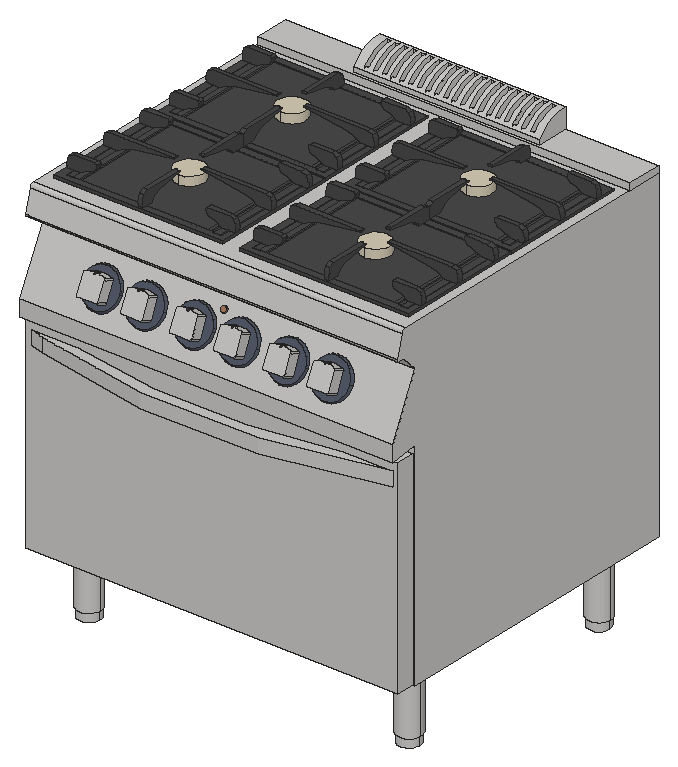
Revit family "QF_ZANUSSI_372003_Z7GCGH4CE0", category Specialty Equipment, Revit 2018
Family settings
  Round Connector Dimension = Use Diameter
  Part Type = Normal
  Work Plane-Based = No
  Always vertical = Yes
  Cut with Voids When Loaded = No
  Shared = No
  Room Calculation Point = No
Parameters
  Width = 800.0 mm  # constant formula
  Weight in Pounds = 176  # constant formula
  Weight = 0.00 kg
  Watts = 0 W
  Volts = 380 V
  URL Manufacturer = "http://www.zanussiprofessional.com"
  URL Cutsheet = "www.electrolux.com"
  URL = "http://www.zanussiprofessional.com"
  Type Mark [instance] = ""
  Steam Supply Size = 0"
  Steam Supply Minimum Pressure = 0.00 psi
  Steam Supply Maximum Pressure = 0.00 psi
  Steam Pounds per Hour = 0
  Status [instance] = ""
  Specification by User [instance] = ""
  Specification by Manufacturer = ""
  Show Logo [instance] = yes
  Show Clearance [instance] = yes
  Serial Number = ""
  Seismic Rating = ""
  SMACNA No = ""
  Revision Code [instance] = ""
  Refrigeration Suction Line Size = 0"
  Refrigeration Liquid Line Size = 0"
  Refrigerant Compressor Remote = yes
  Phase = 3
  Omniclass Number and Title = ""
  NAFEM Spec ID Number = ""
  Model = "Z7GCGH4CE0"
  Mechanical Remarks [instance] = ""
  Mechanical Connection Type [instance] = ""
  Masterspec = ""
  Manufacturer = "Zanussi"
  Length Actual = 800.0 mm  # constant formula
  Item Number [instance] = "372003"
  Installed By [instance] = ""
  Identify Quantity as Lot [instance] = yes
  Hot Water Size = 0"
  Height Actual = 850.0 mm  # constant formula
  Height = 908.0 mm  # constant formula
  HP = "8 HP"
  Gas Size = 1/2"  # constant formula
  Gas RI Height [instance] = 0.0 mm
  Gas KW [instance] = 28  # constant formula
  Gas Input [instance] = 95452.0 Btu/h  # constant formula
  Gas Connection Height = 0.0 mm
  Furnished By [instance] = ""
  Foodservice Equipment Identifier [instance] = yes
  Direct Waste Size = 0"
  Description = "4-BURNER GAS RANGE+ELECTRIC OVEN 800 MM"
  Depth Actual = 700.0 mm  # constant formula
  Depth = 700.0 mm  # constant formula
  Cycle = 60 Hz
  Condensate Return Size = 0"
  Compressed Air Volume = 0 GPM
  Compressed Air Size = 0"
  Compressed Air Pressure = 0.00 psi
  Cold Water Size = 0"
  CSI MasterFormat = ""
  CSI Master Format = ""
  Assembly Code = ""
  Accessory = yes
Reference planes
  plane 1 "BACK": y = 0
  plane 2: z = 0
  plane 3 "LEFT": x = 0
  plane 4 "RIGHT": x = 800
  plane 5 "FRONT": y = -700
  plane 6 "TOP": z = 908
  plane 7 "Center Y": x = 400
  plane 8 "Center X": y = -350
  plane 9 "Base": z = 150
  plane 10: z = 850
  plane 11: y = -715
  plane 12: y = -1109
  plane 13 "panel": through (-6096, -654.982, 762.214) normal (0, -0.8956, 0.4448)
  plane 14: x = 177.499
  plane 15: x = 177.499
Forms (mm)
  Revolve 1, solid, material "QF_Finishes_Stainless Steel"
    sketch origin (1, -90, 0) x (1, 0, 0) y (0, 0, 1)
      loop
        line (55, 0) -> (55, 150) -> (29.6, 150) -> (29.6, 19.05) -> (32.1, 19.05) -> (32.1, 0) -> (55, 0)
      axis (55, 0) -> (55, 150)
    angle from 0 to 360
  Revolve 2, solid, material "QF_Finishes_Stainless Steel"
    sketch origin (1, -599.588, 0) x (1, 0, 0) y (0, 0, 1)
      loop
        line (55, 0) -> (55, 150) -> (29.6, 150) -> (29.6, 19.05) -> (32.1, 19.05) -> (32.1, 0) -> (55, 0)
      axis (55, 0) -> (55, 150)
    angle from 0 to 360
  Revolve 3, solid, material "QF_Finishes_Stainless Steel"
    sketch origin (799, -90, 0) x (-1, 0, 0) y (0, 0, -1)
      loop
        line (55, 0) -> (32.1, 0) -> (32.1, -19.05) -> (29.6, -19.05) -> (29.6, -150) -> (55, -150) -> (55, 0)
      axis (55, 0) -> (55, -150)
    angle from 0 to 360
  Revolve 4, solid, material "QF_Finishes_Stainless Steel"
    sketch origin (799, -599.588, 0) x (-1, 0, 0) y (0, 0, -1)
      loop
        line (55, 0) -> (32.1, 0) -> (32.1, -19.05) -> (29.6, -19.05) -> (29.6, -150) -> (55, -150) -> (55, 0)
      axis (55, 0) -> (55, -150)
    angle from 0 to 360
  Extrusion 5, solid, material "QF_Finishes_Stainless Steel"
    sketch origin (0, 0, 576.213) x (0, 1, 0) y (0, 0, 1)
      loop
        line (0, 273.788) -> (-679.358, 273.788)
        arc (-679.358, 273.788) -> (-684.643, 271.598) -> (-686.833, 266.313) r 7.474
        line (-686.833, 266.313) -> (-699.884, 220.798)
        arc (-699.884, 220.798) -> (-699.396, 218.166) -> (-697, 216.971) r 3
        line (-697, 216.971) -> (-686.802, 216.971) -> (-654.982, 185.152) -> (-715, 64.296) -> (-715, 29.296) -> (-658.645, 37.216)
        arc (-658.645, 37.216) -> (-656.101, 36.462) -> (-655, 34.047) r 3.2
        line (-655, 34.047) -> (-655, -426.212) -> (0, -426.212) -> (0, 273.788)
      loop
        line (-700, 23.788) -> (-700, -421.212) -> (-660, -421.212) -> (-660, 23.788) -> (-700, 23.788)
    from 0 to 800
  Extrusion 6, solid, material "QF_Finishes_Stainless Steel"
    sketch origin (0, 0, 576.213) x (0, 1, 0) y (0, 0, 1)
      loop
        line (0, 273.787) -> (0, 288.075) -> (-76.2, 288.075) -> (-76.2, 273.787) -> (0, 273.787)
    from 0 to 800
  Extrusion 7, solid, material "QF_Finishes_Stainless Steel"
    sketch origin (0, -2, 150) x (-1, 0, 0) y (0, -1, 0)
      loop
        circle (-747.612, 464) r 6.35
    from -8.815 to 7.722
  Extrusion 8, solid, material "QF_Finishes_Door Clearance", visible <- "Show Clearance", detail levels coarse
    sketch origin (0, 0, 0) x (0, 1, 0) y (0, 0, 1)
      loop
        line (-1109, 150) -> (-700, 150) -> (-700, 601.405)
        arc (-700, 601.405) -> (-991.543, 454.568) -> (-1109, 150) r 453.603
    from 0 to 800
  Extrusion 9, solid, material "QF_Finishes_Clearance", visible <- "Show Clearance", detail levels coarse
    sketch origin (0, 0, 0) x (1, 0, 0) y (0, 1, 0)
      loop
        line (-100, -715) -> (0, -715) -> (0, 0) -> (800, 0) -> (800, -715) -> (900, -715) -> (900, 100) -> (-100, 100) -> (-100, -715)
    from 0 to 908.85
  Extrusion 10, void
    sketch origin (-65.011, 0, 865.138) x (-1, 0, 0) y (0, -1, 0)
      loop
        line (-295.005, 6.761) -> (-285.709, 6.761) -> (-285.709, 63.911) -> (-295.005, 63.911) -> (-295.005, 6.761)
      loop
        line (-313.697, 6.761) -> (-304.401, 6.761) -> (-304.401, 63.911) -> (-313.697, 63.911) -> (-313.697, 6.761)
      loop
        line (-332.39, 6.761) -> (-323.094, 6.761) -> (-323.094, 63.911) -> (-332.39, 63.911) -> (-332.39, 6.761)
      loop
        line (-351.082, 6.761) -> (-341.787, 6.761) -> (-341.787, 63.911) -> (-351.082, 63.911) -> (-351.082, 6.761)
      loop
        line (-369.775, 6.761) -> (-360.479, 6.761) -> (-360.479, 63.911) -> (-369.775, 63.911) -> (-369.775, 6.761)
      loop
        line (-388.468, 6.761) -> (-379.172, 6.761) -> (-379.172, 63.911) -> (-388.468, 63.911) -> (-388.468, 6.761)
      loop
        line (-407.16, 6.761) -> (-397.864, 6.761) -> (-397.864, 63.911) -> (-407.16, 63.911) -> (-407.16, 6.761)
      loop
        line (-425.853, 6.761) -> (-416.557, 6.761) -> (-416.557, 63.911) -> (-425.853, 63.911) -> (-425.853, 6.761)
      loop
        line (-444.545, 6.761) -> (-435.25, 6.761) -> (-435.25, 63.911) -> (-444.545, 63.911) -> (-444.545, 6.761)
      loop
        line (-463.238, 6.761) -> (-453.942, 6.761) -> (-453.942, 63.911) -> (-463.238, 63.911) -> (-463.238, 6.761)
      loop
        line (-481.931, 6.761) -> (-472.635, 6.761) -> (-472.635, 63.911) -> (-481.931, 63.911) -> (-481.931, 6.761)
      loop
        line (-500.623, 6.761) -> (-491.328, 6.761) -> (-491.328, 63.911) -> (-500.623, 63.911) -> (-500.623, 6.761)
      loop
        line (-519.316, 6.761) -> (-510.02, 6.761) -> (-510.02, 63.911) -> (-519.316, 63.911) -> (-519.316, 6.761)
      loop
        line (-538.008, 6.761) -> (-528.713, 6.761) -> (-528.713, 63.911) -> (-538.008, 63.911) -> (-538.008, 6.761)
      loop
        line (-556.701, 6.761) -> (-547.405, 6.761) -> (-547.405, 63.911) -> (-556.701, 63.911) -> (-556.701, 6.761)
      loop
        line (-575.394, 6.761) -> (-566.098, 6.761) -> (-566.098, 63.911) -> (-575.394, 63.911) -> (-575.394, 6.761)
      loop
        line (-594.086, 6.761) -> (-584.791, 6.761) -> (-584.791, 63.911) -> (-594.086, 63.911) -> (-594.086, 6.761)
      loop
        line (-612.779, 6.761) -> (-603.483, 6.761) -> (-603.483, 63.911) -> (-612.779, 63.911) -> (-612.779, 6.761)
      loop
        line (-631.472, 6.761) -> (-622.176, 6.761) -> (-622.176, 63.911) -> (-631.472, 63.911) -> (-631.472, 6.761)
      loop
        line (-650.164, 6.761) -> (-640.868, 6.761) -> (-640.868, 63.911) -> (-650.164, 63.911) -> (-650.164, 6.761)
    from 9.525 to 45.348
  Extrusion 11, solid, material "QF_Finishes_Stainless Steel"
    sketch origin (-200, 0, 590.5) x (0, 1, 0) y (0, 0, 1)
      loop
        line (0, 273.788) -> (0, 317.5)
        arc (0, 317.5) -> (-39.072, 308.879) -> (-69.85, 283.312) r 84.854
        line (-69.85, 283.312) -> (-69.85, 273.788) -> (0, 273.788)
    from 400 to 800
  Blend 12, solid, material "QF_Finishes_Navy Blue"
    base sketch origin (152.5, -684.991, 701.786) x (1, 0, 0) y (0, 0.444781, 0.895639)
      loop
        circle (0, 0) r 42.5
    top sketch origin (152.5, -684.991, 701.786) x (1, 0, 0) y (0, 0.444781, 0.895639)
      loop
        circle (0, 0) r 40.5
    from 0 to 5
  Extrusion 13, solid, material "QF_Finishes_Stainless Steel"
    sketch origin (152.5, -684.991, 701.786) x (1, 0, 0) y (0, 0.444781, 0.895639)
      loop
        arc (-21.147, 22.789) -> (-22.494, 21.685) -> (-23, 20.019) r 2.997
        line (-23, 20.019) -> (-23, -20.019)
        arc (-23, -20.019) -> (-22.122, -22.138) -> (-20.003, -23.016) r 2.997
        line (-20.003, -23.016) -> (20.003, -23.016)
        arc (20.003, -23.016) -> (22.122, -22.138) -> (23, -20.019) r 2.997
        line (23, -20.019) -> (23, 20.019)
        arc (23, 20.019) -> (22.494, 21.685) -> (21.147, 22.789) r 2.997
        arc (21.147, 22.789) -> (0, 26.984) -> (-21.147, 22.789) r 55.4
    from 10 to 34
  Extrusion 14, solid, material "QF_Plastic-Black-Matte"
    sketch origin (210, -684.991, 701.786) x (0, 0.444781, 0.895639) y (0, -0.895639, 0.444781)
      loop
        line (26.984, 34) -> (26.984, 19) -> (27.984, 19) -> (27.984, 34)
        arc (27.984, 34) -> (27.691, 34.707) -> (26.984, 35) r 1
        line (26.984, 35) -> (23.984, 35) -> (23.984, 34) -> (26.984, 34)
    from -58.5 to -56.5
  Extrusion 15, solid, material "QF_Finishes_Stainless Steel"
    sketch origin (152.5, -684.991, 701.786) x (1, 0, 0) y (0, 0.444781, 0.895639)
      loop
        line (17.5, 17.5) -> (-17.5, 17.5) -> (-17.5, -17.5) -> (17.5, -17.5) -> (17.5, 17.5)
    from 5 to 10
  Extrusion 16, solid, material "QF_Plastic-Black-Matte"
    sketch origin (190, -684.991, 701.786) x (0, 0.444781, 0.895639) y (0, 0.895639, -0.444781)
      loop
        line (26.984, -34) -> (23.984, -34) -> (23.984, -35) -> (26.984, -35)
        arc (26.984, -35) -> (27.691, -34.707) -> (27.984, -34) r 1
        line (27.984, -34) -> (27.984, -19) -> (26.984, -19) -> (26.984, -34)
    from -58.5 to -56.5
  Extrusion 17, solid, material "QF_Finishes_Stainless Steel"
    sketch origin (247.5, -684.991, 701.786) x (-1, 0, 0) y (0, -0.444781, -0.895639)
      loop
        line (17.5, -17.5) -> (17.5, 17.5) -> (-17.5, 17.5) -> (-17.5, -17.5) -> (17.5, -17.5)
    from 5 to 10
  Blend 18, solid, material "QF_Finishes_Navy Blue"
    base sketch origin (247.5, -684.991, 701.786) x (1, 0, 0) y (0, 0.444781, 0.895639)
      loop
        circle (0, 0) r 42.5
    top sketch origin (247.5, -684.991, 701.786) x (1, 0, 0) y (0, 0.444781, 0.895639)
      loop
        circle (0, 0) r 40.5
    from 0 to 5
  Extrusion 19, solid, material "QF_Finishes_Stainless Steel"
    sketch origin (247.5, -684.991, 701.786) x (-1, 0, 0) y (0, -0.444781, -0.895639)
      loop
        arc (-21.147, -22.789) -> (0, -26.984) -> (21.147, -22.789) r 55.4
        arc (21.147, -22.789) -> (22.494, -21.685) -> (23, -20.019) r 2.997
        line (23, -20.019) -> (23, 20.019)
        arc (23, 20.019) -> (22.122, 22.138) -> (20.003, 23.016) r 2.997
        line (20.003, 23.016) -> (-20.003, 23.016)
        arc (-20.003, 23.016) -> (-22.122, 22.138) -> (-23, 20.019) r 2.997
        line (-23, 20.019) -> (-23, -20.019)
        arc (-23, -20.019) -> (-22.494, -21.685) -> (-21.147, -22.789) r 2.997
    from 10 to 34
  Blend 20, solid, material "QF_Finishes_Navy Blue"
    base sketch origin (447.5, -684.991, 701.786) x (1, 0, 0) y (0, 0.444781, 0.895639)
      loop
        circle (0, 0) r 42.5
    top sketch origin (447.5, -684.991, 701.786) x (1, 0, 0) y (0, 0.444781, 0.895639)
      loop
        circle (0, 0) r 40.5
    from 0 to 5
  Extrusion 21, solid, material "QF_Finishes_Stainless Steel"
    sketch origin (215, -684.991, 701.786) x (1, 0, 0) y (0, 0.444781, 0.895639)
      loop
        arc (211.353, 22.789) -> (210.006, 21.685) -> (209.5, 20.019) r 2.997
        line (209.5, 20.019) -> (209.5, -20.019)
        arc (209.5, -20.019) -> (210.378, -22.138) -> (212.497, -23.016) r 2.997
        line (212.497, -23.016) -> (252.503, -23.016)
        arc (252.503, -23.016) -> (254.622, -22.138) -> (255.5, -20.019) r 2.997
        line (255.5, -20.019) -> (255.5, 20.019)
        arc (255.5, 20.019) -> (254.994, 21.685) -> (253.647, 22.789) r 2.997
        arc (253.647, 22.789) -> (232.5, 26.984) -> (211.353, 22.789) r 55.4
    from 10 to 34
  Blend 22, solid, material "QF_Finishes_Navy Blue"
    base sketch origin (552.5, -684.991, 701.786) x (1, 0, 0) y (0, 0.444781, 0.895639)
      loop
        circle (0, 0) r 42.5
    top sketch origin (552.5, -684.991, 701.786) x (1, 0, 0) y (0, 0.444781, 0.895639)
      loop
        circle (0, 0) r 40.5
    from 0 to 5
  Extrusion 23, solid, material "QF_Finishes_Stainless Steel"
    sketch origin (552.5, -684.991, 701.786) x (1, 0, 0) y (0, 0.444781, 0.895639)
      loop
        arc (-21.147, 22.789) -> (-22.494, 21.685) -> (-23, 20.019) r 2.997
        line (-23, 20.019) -> (-23, -20.019)
        arc (-23, -20.019) -> (-22.122, -22.138) -> (-20.003, -23.016) r 2.997
        line (-20.003, -23.016) -> (20.003, -23.016)
        arc (20.003, -23.016) -> (22.122, -22.138) -> (23, -20.019) r 2.997
        line (23, -20.019) -> (23, 20.019)
        arc (23, 20.019) -> (22.494, 21.685) -> (21.147, 22.789) r 2.997
        arc (21.147, 22.789) -> (0, 26.984) -> (-21.147, 22.789) r 55.4
    from 10 to 34
  Extrusion 24, solid, material "QF_Plastic-Black-Matte"
    sketch origin (610, -684.991, 701.786) x (0, 0.444781, 0.895639) y (0, -0.895639, 0.444781)
      loop
        line (26.984, 34) -> (26.984, 19) -> (27.984, 19) -> (27.984, 34)
        arc (27.984, 34) -> (27.691, 34.707) -> (26.984, 35) r 1
        line (26.984, 35) -> (23.984, 35) -> (23.984, 34) -> (26.984, 34)
    from -58.5 to -56.5
  Extrusion 25, solid, material "QF_Finishes_Stainless Steel"
    sketch origin (552.5, -684.991, 701.786) x (1, 0, 0) y (0, 0.444781, 0.895639)
      loop
        line (17.5, 17.5) -> (-17.5, 17.5) -> (-17.5, -17.5) -> (17.5, -17.5) -> (17.5, 17.5)
    from 5 to 10
  Extrusion 26, solid, material "QF_Plastic-Black-Matte"
    sketch origin (590, -684.991, 701.786) x (0, 0.444781, 0.895639) y (0, 0.895639, -0.444781)
      loop
        line (26.984, -34) -> (23.984, -34) -> (23.984, -35) -> (26.984, -35)
        arc (26.984, -35) -> (27.691, -34.707) -> (27.984, -34) r 1
        line (27.984, -34) -> (27.984, -19) -> (26.984, -19) -> (26.984, -34)
    from -58.5 to -56.5
  Extrusion 27, solid, material "QF_Finishes_Stainless Steel"
    sketch origin (647.5, -684.991, 701.786) x (-1, 0, 0) y (0, -0.444781, -0.895639)
      loop
        line (17.5, -17.5) -> (17.5, 17.5) -> (-17.5, 17.5) -> (-17.5, -17.5) -> (17.5, -17.5)
    from 5 to 10
  Blend 28, solid, material "QF_Finishes_Navy Blue"
    base sketch origin (647.5, -684.991, 701.786) x (1, 0, 0) y (0, 0.444781, 0.895639)
      loop
        circle (0, 0) r 42.5
    top sketch origin (647.5, -684.991, 701.786) x (1, 0, 0) y (0, 0.444781, 0.895639)
      loop
        circle (0, 0) r 40.5
    from 0 to 5
  Extrusion 29, solid, material "QF_Finishes_Stainless Steel"
    sketch origin (647.5, -684.991, 701.786) x (-1, 0, 0) y (0, -0.444781, -0.895639)
      loop
        arc (-21.147, -22.789) -> (0, -26.984) -> (21.147, -22.789) r 55.4
        arc (21.147, -22.789) -> (22.494, -21.685) -> (23, -20.019) r 2.997
        line (23, -20.019) -> (23, 20.019)
        arc (23, 20.019) -> (22.122, 22.138) -> (20.003, 23.016) r 2.997
        line (20.003, 23.016) -> (-20.003, 23.016)
        arc (-20.003, 23.016) -> (-22.122, 22.138) -> (-23, 20.019) r 2.997
        line (-23, 20.019) -> (-23, -20.019)
        arc (-23, -20.019) -> (-22.494, -21.685) -> (-21.147, -22.789) r 2.997
    from 10 to 34
  Extrusion 30, solid, material "QF_Finishes_Stainless Steel"
    sketch origin (0, 0, 150) x (-1, 0, 0) y (0, -1, 0)
      loop
        line (-790, 700) -> (-696.395, 700)
        arc (-696.395, 700) -> (-400, 735) -> (-103.605, 700) r 1272.5
        line (-103.605, 700) -> (-10, 700)
        arc (-10, 700) -> (-26.992, 705.227) -> (-44.053, 710.221) r 1297.5
        arc (-44.053, 710.221) -> (-417.777, 759.878) -> (-790, 700) r 1297.5
    from 400 to 430
  Extrusion 31, solid, material "QF_Finishes_Stainless Steel"
    sketch origin (0, 0, 150) x (-1, 0, 0) y (0, -1, 0)
      loop
        circle (-752, 513) r 10
    from 0 to -3
  Extrusion 32, solid, material "QF_Plastic-Black-Matte"
    sketch origin (295, -684.991, 701.786) x (0, 0.444781, 0.895639) y (0, 0.895639, -0.444781)
      loop
        line (26.984, -34) -> (23.984, -34) -> (23.984, -35) -> (26.984, -35)
        arc (26.984, -35) -> (27.691, -34.707) -> (27.984, -34) r 1
        line (27.984, -34) -> (27.984, -19) -> (26.984, -19) -> (26.984, -34)
    from -58.5 to -56.5
  Extrusion 33, solid, material "QF_Finishes_Stainless Steel"
    sketch origin (352.5, -684.991, 701.786) x (-1, 0, 0) y (0, -0.444781, -0.895639)
      loop
        line (17.5, -17.5) -> (17.5, 17.5) -> (-17.5, 17.5) -> (-17.5, -17.5) -> (17.5, -17.5)
    from 5 to 10
  Extrusion 34, solid, material "QF_Finishes_Stainless Steel"
    sketch origin (352.5, -684.991, 701.786) x (-1, 0, 0) y (0, -0.444781, -0.895639)
      loop
        arc (-21.147, -22.789) -> (0, -26.984) -> (21.147, -22.789) r 55.4
        arc (21.147, -22.789) -> (22.494, -21.685) -> (23, -20.019) r 2.997
        line (23, -20.019) -> (23, 20.019)
        arc (23, 20.019) -> (22.122, 22.138) -> (20.003, 23.016) r 2.997
        line (20.003, 23.016) -> (-20.003, 23.016)
        arc (-20.003, 23.016) -> (-22.122, 22.138) -> (-23, 20.019) r 2.997
        line (-23, 20.019) -> (-23, -20.019)
        arc (-23, -20.019) -> (-22.494, -21.685) -> (-21.147, -22.789) r 2.997
    from 10 to 34
  Blend 35, solid, material "QF_Finishes_Navy Blue"
    base sketch origin (352.5, -684.991, 701.786) x (1, 0, 0) y (0, 0.444781, 0.895639)
      loop
        circle (0, 0) r 42.5
    top sketch origin (352.5, -684.991, 701.786) x (1, 0, 0) y (0, 0.444781, 0.895639)
      loop
        circle (0, 0) r 40.5
    from 0 to 5
  Extrusion 36, solid, material "QF_Plastic-Black-Matte"
    sketch origin (390, -684.991, 701.786) x (0, 0.444781, 0.895639) y (0, 0.895639, -0.444781)
      loop
        line (26.984, -34) -> (23.984, -34) -> (23.984, -35) -> (26.984, -35)
        arc (26.984, -35) -> (27.691, -34.707) -> (27.984, -34) r 1
        line (27.984, -34) -> (27.984, -19) -> (26.984, -19) -> (26.984, -34)
    from -58.5 to -56.5
  Extrusion 37, solid, material "QF_Finishes_Stainless Steel"
    sketch origin (447.5, -684.991, 701.786) x (-1, 0, 0) y (0, -0.444781, -0.895639)
      loop
        line (17.5, -17.5) -> (17.5, 17.5) -> (-17.5, 17.5) -> (-17.5, -17.5) -> (17.5, -17.5)
    from 5 to 10
  Extrusion 38, solid, material "QF_Finishes_Brown"
    sketch origin (0, -829.045, 411.71) x (0, 0.444781, 0.895639) y (-1, 0, 0)
      loop
        circle (366.376, -400) r 6
    from 0 to 1.6
Cuts and joins
  Extrusion 10 cuts Extrusion 9
  Extrusion 10 cuts Extrusion 11
Lines and regions (mm)
  Split face 1
    outline origin (152.5, -689.469, 704.01) x (1, 0, 0) y (0, 0.444781, 0.895639)
      loop
        circle (-33, 0) r 3
  Split face 2
    outline origin (253.401, -689.469, 704.01) x (1, 0, 0) y (0, 0.444781, 0.895639)
      loop
        line (-8.901, 38.561) -> (-8.901, 28.561) -> (-2.901, 28.561) -> (-2.901, 38.561) -> (-8.901, 38.561)
  Split face 3
    outline origin (253.401, -689.469, 704.01) x (1, 0, 0) y (0, 0.444781, 0.895639)
      loop
        line (-8.401, 38.061) -> (-8.401, 29.061) -> (-3.401, 29.061) -> (-3.401, 38.061) -> (-8.401, 38.061)
  Split face 4
    outline origin (253.401, -689.469, 704.01) x (1, 0, 0) y (0, 0.444781, 0.895639)
      loop
        line (-8.401, 33.561) -> (-3.401, 33.561)
  Split face 5
    outline origin (253.401, -689.469, 704.01) x (1, 0, 0) y (0, 0.444781, 0.895639)
      loop
        line (-8.401, 33.061) -> (-3.401, 33.061)
  Split face 6
    outline origin (158.401, -689.469, 704.01) x (1, 0, 0) y (0, 0.444781, 0.895639)
      loop
        line (-8.901, 38.561) -> (-8.901, 28.561) -> (-2.901, 28.561) -> (-2.901, 38.561) -> (-8.901, 38.561)
  Split face 7
    outline origin (158.401, -689.469, 704.01) x (1, 0, 0) y (0, 0.444781, 0.895639)
      loop
        line (-8.401, 38.061) -> (-8.401, 29.061) -> (-3.401, 29.061) -> (-3.401, 38.061) -> (-8.401, 38.061)
  Split face 8
    outline origin (158.401, -689.469, 704.01) x (1, 0, 0) y (0, 0.444781, 0.895639)
      loop
        line (-8.401, 34.061) -> (-3.401, 34.061)
  Split face 9
    outline origin (158.401, -689.469, 704.01) x (1, 0, 0) y (0, 0.444781, 0.895639)
      loop
        line (-8.401, 33.561) -> (-3.401, 33.561)
  Split face 10
    outline origin (178.157, -675.159, 732.825) x (-1, 0, 0) y (0, -0.444781, -0.895639)
      loop
        circle (43.456, 61.543) r 1.5
  Split face 11
    outline origin (158.401, -689.469, 704.01) x (1, 0, 0) y (0, 0.444781, 0.895639)
      loop
        circle (-5.901, 31.311) r 2.029
  Split face 12
    outline origin (253.401, -689.469, 704.01) x (1, 0, 0) y (0, 0.444781, 0.895639)
      loop
        circle (-5.901, 35.811) r 2.031
  Split face 13
    outline origin (152.5, -689.469, 704.01) x (1, 0, 0) y (0, 0.444781, 0.895639)
      loop
        circle (-24.487, 26.694) r 3.497
  Split face 14
    outline origin (247.5, -689.469, 704.01) x (1, 0, 0) y (0, 0.444781, 0.895639)
      loop
        circle (-24.487, 26.694) r 3.497
  Split face 15
    outline origin (247.5, -689.469, 704.01) x (1, 0, 0) y (0, 0.444781, 0.895639)
      loop
        circle (-33, 0) r 3
  Split face 16
    outline origin (247.5, -689.469, 704.01) x (1, 0, 0) y (0, 0.444781, 0.895639)
      loop
        circle (-17.8, -29.371) r 1.5
  Split face 17
    outline origin (447.5, -689.469, 704.01) x (1, 0, 0) y (0, 0.444781, 0.895639)
      loop
        circle (0, 33) r 1
  Split face 18
    outline origin (447.5, -689.469, 704.01) x (1, 0, 0) y (0, 0.444781, 0.895639)
      loop
        circle (-33, 0) r 1
  Split face 19
    outline origin (447.5, -689.469, 704.01) x (-1, 0, 0) y (0, 0.444781, 0.895639)
      loop
        circle (31.876, -8.541) r 1
  Split face 20
    outline origin (447.5, -689.469, 704.01) x (-1, 0, 0) y (0, 0.444781, 0.895639)
      loop
        circle (28.579, -16.5) r 1
  Split face 21
    outline origin (447.5, -689.469, 704.01) x (-1, 0, 0) y (0, 0.444781, 0.895639)
      loop
        circle (23.335, -23.335) r 1
  Split face 22
    outline origin (447.5, -689.469, 704.01) x (-1, 0, 0) y (0, 0.444781, 0.895639)
      loop
        circle (16.5, -28.579) r 1
  Split face 23
    outline origin (447.5, -689.469, 704.01) x (-1, 0, 0) y (0, 0.444781, 0.895639)
      loop
        circle (8.541, -31.876) r 1
  Split face 24
    outline origin (447.5, -689.469, 704.01) x (1, 0, 0) y (0, -0.444781, -0.895639)
      loop
        circle (33, 0) r 1
  Split face 25
    outline origin (447.5, -689.469, 704.01) x (-1, 0, 0) y (0, -0.444781, -0.895639)
      loop
        circle (-8.541, 31.876) r 1
  Split face 26
    outline origin (447.5, -689.469, 704.01) x (-1, 0, 0) y (0, -0.444781, -0.895639)
      loop
        circle (-16.5, 28.579) r 1
  Split face 27
    outline origin (447.5, -689.469, 704.01) x (-1, 0, 0) y (0, -0.444781, -0.895639)
      loop
        circle (-23.335, 23.335) r 1
  Split face 28
    outline origin (447.5, -689.469, 704.01) x (-1, 0, 0) y (0, -0.444781, -0.895639)
      loop
        circle (-28.579, 16.5) r 1
  Split face 29
    outline origin (447.5, -689.469, 704.01) x (-1, 0, 0) y (0, -0.444781, -0.895639)
      loop
        circle (-31.876, 8.541) r 1
  Split face 30
    outline origin (552.5, -689.469, 704.01) x (1, 0, 0) y (0, 0.444781, 0.895639)
      loop
        circle (-33, 0) r 3
  Split face 31
    outline origin (653.401, -689.469, 704.01) x (1, 0, 0) y (0, 0.444781, 0.895639)
      loop
        line (-8.901, 38.561) -> (-8.901, 28.561) -> (-2.901, 28.561) -> (-2.901, 38.561) -> (-8.901, 38.561)
  Split face 32
    outline origin (653.401, -689.469, 704.01) x (1, 0, 0) y (0, 0.444781, 0.895639)
      loop
        line (-8.401, 38.061) -> (-8.401, 29.061) -> (-3.401, 29.061) -> (-3.401, 38.061) -> (-8.401, 38.061)
  Split face 33
    outline origin (653.401, -689.469, 704.01) x (1, 0, 0) y (0, 0.444781, 0.895639)
      loop
        line (-8.401, 33.561) -> (-3.401, 33.561)
  Split face 34
    outline origin (653.401, -689.469, 704.01) x (1, 0, 0) y (0, 0.444781, 0.895639)
      loop
        line (-8.401, 33.061) -> (-3.401, 33.061)
  Split face 35
    outline origin (558.401, -689.469, 704.01) x (1, 0, 0) y (0, 0.444781, 0.895639)
      loop
        line (-8.901, 38.561) -> (-8.901, 28.561) -> (-2.901, 28.561) -> (-2.901, 38.561) -> (-8.901, 38.561)
  Split face 36
    outline origin (558.401, -689.469, 704.01) x (1, 0, 0) y (0, 0.444781, 0.895639)
      loop
        line (-8.401, 38.061) -> (-8.401, 29.061) -> (-3.401, 29.061) -> (-3.401, 38.061) -> (-8.401, 38.061)
  Split face 37
    outline origin (558.401, -689.469, 704.01) x (1, 0, 0) y (0, 0.444781, 0.895639)
      loop
        line (-8.401, 34.061) -> (-3.401, 34.061)
  Split face 38
    outline origin (558.401, -689.469, 704.01) x (1, 0, 0) y (0, 0.444781, 0.895639)
      loop
        line (-8.401, 33.561) -> (-3.401, 33.561)
  Split face 39
    outline origin (578.157, -675.159, 732.825) x (-1, 0, 0) y (0, -0.444781, -0.895639)
      loop
        circle (43.456, 61.543) r 1.5
  Split face 40
    outline origin (558.401, -689.469, 704.01) x (1, 0, 0) y (0, 0.444781, 0.895639)
      loop
        circle (-5.901, 31.311) r 2.029
  Split face 41
    outline origin (653.401, -689.469, 704.01) x (1, 0, 0) y (0, 0.444781, 0.895639)
      loop
        circle (-5.901, 35.811) r 2.031
  Split face 42
    outline origin (552.5, -689.469, 704.01) x (1, 0, 0) y (0, 0.444781, 0.895639)
      loop
        circle (-24.487, 26.694) r 3.497
  Split face 43
    outline origin (647.5, -689.469, 704.01) x (1, 0, 0) y (0, 0.444781, 0.895639)
      loop
        circle (-24.487, 26.694) r 3.497
  Split face 44
    outline origin (647.5, -689.469, 704.01) x (1, 0, 0) y (0, 0.444781, 0.895639)
      loop
        circle (-33, 0) r 3
  Split face 45
    outline origin (647.5, -689.469, 704.01) x (1, 0, 0) y (0, 0.444781, 0.895639)
      loop
        circle (-17.8, -29.371) r 1.5
  Split face 46
    outline origin (447.5, -689.469, 704.01) x (1, 0, 0) y (0, 0.444781, 0.895639)
      loop
        circle (0, -33) r 1
  Split face 47
    outline origin (352.5, -689.469, 704.01) x (1, 0, 0) y (0, 0.444781, 0.895639)
      loop
        line (-35.5, 0.5) -> (-29.5, 0.5) -> (-29.5, 2.5) -> (-35.5, 2.5) -> (-35.5, 0.5)
  Split face 48
    outline origin (352.5, -690.803, 701.323) x (1, 0, 0) y (0, 0.444781, 0.895639)
      loop
        line (-35.5, 0.5) -> (-29.5, 0.5) -> (-29.5, 2.5) -> (-35.5, 2.5) -> (-35.5, 0.5)
  Split face 49
    outline origin (352.5, -689.469, 704.01) x (1, 0, 0) y (0, 0.444781, 0.895639)
      loop
        line (-3, -32.32) -> (-3, -34.32) -> (3, -34.32) -> (3, -32.32) -> (-3, -32.32)
  Split face 50
    outline origin (352.5, -689.469, 704.01) x (1, 0, 0) y (0, 0.444781, 0.895639)
      loop
        circle (0, 34.714) r 1.714
  symbolic lines, style "QF-Door Swings"
    curve 1: line (0, -715, 150) -> (0, -1109, 150)
    curve 2: line (0, -1109, 150) -> (800, -1109, 150)
    curve 3: line (800, -1109, 150) -> (800, -715, 150)
  symbolic lines
    curve 4: line (0, 0, 150) -> (0, -715, 150)
    curve 5: line (0, -69.85, 150) -> (800, -69.85, 150)
    curve 6: line (0, -76.2, 150) -> (800, -76.2, 150)
    curve 7: line (800, -715, 150) -> (800, 0, 150)
    curve 8: line (0, 0, 150) -> (800, 0, 150)
    curve 12: line (229.994, -6.761, 150) -> (229.994, -63.911, 150)
    curve 13: line (229.994, -63.911, 150) -> (220.698, -63.911, 150)
    curve 14: line (220.698, -63.911, 150) -> (220.698, -6.761, 150)
    curve 15: line (220.698, -6.761, 150) -> (229.994, -6.761, 150)
    curve 16: line (435.612, -6.761, 150) -> (435.612, -63.911, 150)
    curve 17: line (435.612, -63.911, 150) -> (426.317, -63.911, 150)
    curve 18: line (426.317, -63.911, 150) -> (426.317, -6.761, 150)
    curve 19: line (426.317, -6.761, 150) -> (435.612, -6.761, 150)
    curve 20: line (416.92, -6.761, 150) -> (416.92, -63.911, 150)
    curve 21: line (416.92, -63.911, 150) -> (407.624, -63.911, 150)
    curve 22: line (407.624, -63.911, 150) -> (407.624, -6.761, 150)
    curve 23: line (407.624, -6.761, 150) -> (416.92, -6.761, 150)
    curve 24: line (398.227, -6.761, 150) -> (398.227, -63.911, 150)
    curve 25: line (398.227, -63.911, 150) -> (388.931, -63.911, 150)
    curve 26: line (388.931, -63.911, 150) -> (388.931, -6.761, 150)
    curve 27: line (388.931, -6.761, 150) -> (398.227, -6.761, 150)
    curve 28: line (379.534, -6.761, 150) -> (379.534, -63.911, 150)
    curve 29: line (379.534, -63.911, 150) -> (370.239, -63.911, 150)
    curve 30: line (370.239, -63.911, 150) -> (370.239, -6.761, 150)
    curve 31: line (370.239, -6.761, 150) -> (379.534, -6.761, 150)
    curve 32: line (360.842, -6.761, 150) -> (360.842, -63.911, 150)
    curve 33: line (360.842, -63.911, 150) -> (351.546, -63.911, 150)
    curve 34: line (351.546, -63.911, 150) -> (351.546, -6.761, 150)
    curve 35: line (351.546, -6.761, 150) -> (360.842, -6.761, 150)
    curve 36: line (342.149, -6.761, 150) -> (342.149, -63.911, 150)
    curve 37: line (342.149, -63.911, 150) -> (332.854, -63.911, 150)
    curve 38: line (332.854, -63.911, 150) -> (332.854, -6.761, 150)
    curve 39: line (332.854, -6.761, 150) -> (342.149, -6.761, 150)
    curve 40: line (323.457, -6.761, 150) -> (323.457, -63.911, 150)
    curve 41: line (323.457, -63.911, 150) -> (314.161, -63.911, 150)
    curve 42: line (314.161, -63.911, 150) -> (314.161, -6.761, 150)
    curve 43: line (314.161, -6.761, 150) -> (323.457, -6.761, 150)
    curve 44: line (304.764, -6.761, 150) -> (304.764, -63.911, 150)
    curve 45: line (304.764, -63.911, 150) -> (295.468, -63.911, 150)
    curve 46: line (295.468, -63.911, 150) -> (295.468, -6.761, 150)
    curve 47: line (295.468, -6.761, 150) -> (304.764, -6.761, 150)
    curve 48: line (286.071, -6.761, 150) -> (286.071, -63.911, 150)
    curve 49: line (286.071, -63.911, 150) -> (276.776, -63.911, 150)
    curve 50: line (276.776, -63.911, 150) -> (276.776, -6.761, 150)
    curve 51: line (276.776, -6.761, 150) -> (286.071, -6.761, 150)
    curve 52: line (267.379, -6.761, 150) -> (267.379, -63.911, 150)
    curve 53: line (267.379, -63.911, 150) -> (258.083, -63.911, 150)
    curve 54: line (258.083, -63.911, 150) -> (258.083, -6.761, 150)
    curve 55: line (258.083, -6.761, 150) -> (267.379, -6.761, 150)
    curve 56: line (248.686, -6.761, 150) -> (248.686, -63.911, 150)
    curve 57: line (248.686, -63.911, 150) -> (239.39, -63.911, 150)
    curve 58: line (239.39, -63.911, 150) -> (239.39, -6.761, 150)
    curve 59: line (239.39, -6.761, 150) -> (248.686, -6.761, 150)
    curve 60: line (585.153, -6.761, 150) -> (585.153, -63.911, 150)
    curve 61: line (585.153, -63.911, 150) -> (575.857, -63.911, 150)
    curve 62: line (575.857, -63.911, 150) -> (575.857, -6.761, 150)
    curve 63: line (575.857, -6.761, 150) -> (585.153, -6.761, 150)
    curve 64: line (566.461, -6.761, 150) -> (566.461, -63.911, 150)
    curve 65: line (566.461, -63.911, 150) -> (557.165, -63.911, 150)
    curve 66: line (557.165, -63.911, 150) -> (557.165, -6.761, 150)
    curve 67: line (557.165, -6.761, 150) -> (566.461, -6.761, 150)
    curve 68: line (547.768, -6.761, 150) -> (547.768, -63.911, 150)
    curve 69: line (547.768, -63.911, 150) -> (538.472, -63.911, 150)
    curve 70: line (538.472, -63.911, 150) -> (538.472, -6.761, 150)
    curve 71: line (538.472, -6.761, 150) -> (547.768, -6.761, 150)
    curve 72: line (529.075, -6.761, 150) -> (529.075, -63.911, 150)
    curve 73: line (529.075, -63.911, 150) -> (519.78, -63.911, 150)
    curve 74: line (519.78, -63.911, 150) -> (519.78, -6.761, 150)
    curve 75: line (519.78, -6.761, 150) -> (529.075, -6.761, 150)
    curve 76: line (510.383, -6.761, 150) -> (510.383, -63.911, 150)
    curve 77: line (510.383, -63.911, 150) -> (501.087, -63.911, 150)
    curve 78: line (501.087, -63.911, 150) -> (501.087, -6.761, 150)
    curve 79: line (501.087, -6.761, 150) -> (510.383, -6.761, 150)
    curve 80: line (491.69, -6.761, 150) -> (491.69, -63.911, 150)
    curve 81: line (491.69, -63.911, 150) -> (482.394, -63.911, 150)
    curve 82: line (482.394, -63.911, 150) -> (482.394, -6.761, 150)
    curve 83: line (482.394, -6.761, 150) -> (491.69, -6.761, 150)
    curve 84: line (472.998, -6.761, 150) -> (472.998, -63.911, 150)
    curve 85: line (472.998, -63.911, 150) -> (463.702, -63.911, 150)
    curve 86: line (463.702, -63.911, 150) -> (463.702, -6.761, 150)
    curve 87: line (463.702, -6.761, 150) -> (472.998, -6.761, 150)
    curve 88: line (454.305, -6.761, 150) -> (454.305, -63.911, 150)
    curve 89: line (454.305, -63.911, 150) -> (445.009, -63.911, 150)
    curve 90: line (445.009, -63.911, 150) -> (445.009, -6.761, 150)
    curve 91: line (445.009, -6.761, 150) -> (454.305, -6.761, 150)
    curve 92: line (200, -69.85, 150) -> (200, 0, 150)
    curve 93: line (600, -69.85, 150) -> (600, 0, 150)
    curve 94: line (0, -700.029, 0) -> (800, -700.029, 0)
    curve 95: line (129.525, -700.029, 0) -> (129.525, -724.376, 0)
    curve 96: arc (129.525, -724.376, 0) -> (129.671, -724.84, 0) -> (130.057, -725.136, 0) r 0.809
    curve 97: arc (130.057, -725.136, 0) -> (131.245, -725.616, 0) -> (132.522, -725.709, 0) r 4.127
    curve 98: arc (129.525, -704.322, 0) -> (124.484, -702.487, 0) -> (119.716, -700.029, 0) r 42.24
    curve 99: arc (129.525, -706.568, 0) -> (130.027, -705.847, 0) -> (130.824, -705.477, 0) r 1.682
    curve 100: arc (130.824, -705.477, 0) -> (141.127, -703.979, 0) -> (151.525, -703.47, 0) r 109.079
    curve 101: line (151.525, -700.029, 0) -> (151.525, -705.7, 0)
    curve 102: line (151.525, -705.7, 0) -> (153.525, -705.7, 0)
    curve 103: line (153.525, -705.7, 0) -> (153.525, -700.029, 0)
    curve 104: line (175.525, -700.029, 0) -> (175.525, -724.376, 0)
    curve 105: arc (175.525, -724.376, 0) -> (175.379, -724.84, 0) -> (174.993, -725.136, 0) r 0.809
    curve 106: arc (174.993, -725.136, 0) -> (173.805, -725.616, 0) -> (172.528, -725.709, 0) r 4.127
    curve 107: arc (175.525, -704.322, 0) -> (180.566, -702.487, 0) -> (185.334, -700.029, 0) r 42.24
    curve 108: arc (175.525, -706.568, 0) -> (175.023, -705.847, 0) -> (174.226, -705.477, 0) r 1.682
    curve 109: arc (174.226, -705.477, 0) -> (163.923, -703.979, 0) -> (153.525, -703.47, 0) r 109.079
    curve 110: line (132.522, -725.709, 0) -> (172.528, -725.709, 0)
    curve 111: line (270.525, -700.029, 0) -> (270.525, -724.376, 0)
    curve 112: arc (270.525, -724.376, 0) -> (270.379, -724.84, 0) -> (269.993, -725.136, 0) r 0.809
    curve 113: arc (269.993, -725.136, 0) -> (268.805, -725.616, 0) -> (267.528, -725.709, 0) r 4.127
    curve 114: arc (270.525, -704.322, 0) -> (275.566, -702.487, 0) -> (280.334, -700.029, 0) r 42.24
    curve 115: arc (270.525, -706.568, 0) -> (270.023, -705.847, 0) -> (269.226, -705.477, 0) r 1.682
    curve 116: arc (269.226, -705.477, 0) -> (258.923, -703.979, 0) -> (248.525, -703.47, 0) r 109.079
    curve 117: line (248.525, -700.029, 0) -> (248.525, -705.7, 0)
    curve 118: line (248.525, -705.7, 0) -> (246.525, -705.7, 0)
    curve 119: line (246.525, -705.7, 0) -> (246.525, -700.029, 0)
    curve 120: line (224.525, -700.029, 0) -> (224.525, -724.376, 0)
    curve 121: arc (224.525, -724.376, 0) -> (224.671, -724.84, 0) -> (225.057, -725.136, 0) r 0.809
    curve 122: arc (225.057, -725.136, 0) -> (226.245, -725.616, 0) -> (227.522, -725.709, 0) r 4.127
    curve 123: arc (224.525, -704.322, 0) -> (219.484, -702.487, 0) -> (214.716, -700.029, 0) r 42.24
    curve 124: arc (224.525, -706.568, 0) -> (225.027, -705.847, 0) -> (225.824, -705.477, 0) r 1.682
    curve 125: arc (225.824, -705.477, 0) -> (236.127, -703.979, 0) -> (246.525, -703.47, 0) r 109.079
    curve 126: line (267.528, -725.709, 0) -> (227.522, -725.709, 0)
    curve 127: line (175.525, -715.029, 0) -> (224.525, -715.029, 0)
    curve 128: line (270.525, -715.029, 0) -> (329.525, -715.029, 0)
    curve 129: line (0, -715.029, 0) -> (129.525, -715.029, 0)
    curve 130: line (529.5, -700.029, 0) -> (529.5, -724.376, 0)
    curve 131: arc (529.5, -724.376, 0) -> (529.646, -724.84, 0) -> (530.032, -725.136, 0) r 0.809
    curve 132: arc (530.032, -725.136, 0) -> (531.22, -725.616, 0) -> (532.497, -725.709, 0) r 4.127
    curve 133: arc (529.5, -704.322, 0) -> (524.459, -702.487, 0) -> (519.691, -700.029, 0) r 42.24
    curve 134: arc (529.5, -706.568, 0) -> (530.002, -705.847, 0) -> (530.799, -705.477, 0) r 1.682
    curve 135: arc (530.799, -705.477, 0) -> (541.102, -703.979, 0) -> (551.5, -703.47, 0) r 109.079
    curve 136: line (551.5, -700.029, 0) -> (551.5, -705.7, 0)
    curve 137: line (551.5, -705.7, 0) -> (553.5, -705.7, 0)
    curve 138: line (553.5, -705.7, 0) -> (553.5, -700.029, 0)
    curve 139: line (575.5, -700.029, 0) -> (575.5, -724.376, 0)
    curve 140: arc (575.5, -724.376, 0) -> (575.354, -724.84, 0) -> (574.968, -725.136, 0) r 0.809
    curve 141: arc (574.968, -725.136, 0) -> (573.78, -725.616, 0) -> (572.503, -725.709, 0) r 4.127
    curve 142: arc (575.5, -704.322, 0) -> (580.541, -702.487, 0) -> (585.309, -700.029, 0) r 42.24
    curve 143: arc (575.5, -706.568, 0) -> (574.998, -705.847, 0) -> (574.201, -705.477, 0) r 1.682
    curve 144: arc (574.201, -705.477, 0) -> (563.898, -703.979, 0) -> (553.5, -703.47, 0) r 109.079
    curve 145: line (532.497, -725.709, 0) -> (572.503, -725.709, 0)
    curve 146: line (670.525, -700.029, 0) -> (670.525, -724.376, 0)
    curve 147: arc (670.525, -724.376, 0) -> (670.379, -724.84, 0) -> (669.993, -725.136, 0) r 0.809
    curve 148: arc (669.993, -725.136, 0) -> (668.805, -725.616, 0) -> (667.528, -725.709, 0) r 4.127
    curve 149: arc (670.525, -704.322, 0) -> (675.566, -702.487, 0) -> (680.334, -700.029, 0) r 42.24
    curve 150: arc (670.525, -706.568, 0) -> (670.023, -705.847, 0) -> (669.226, -705.477, 0) r 1.682
    curve 151: arc (669.226, -705.477, 0) -> (658.923, -703.979, 0) -> (648.525, -703.47, 0) r 109.079
    curve 152: line (648.525, -700.029, 0) -> (648.525, -705.7, 0)
    curve 153: line (648.525, -705.7, 0) -> (646.525, -705.7, 0)
    curve 154: line (646.525, -705.7, 0) -> (646.525, -700.029, 0)
    curve 155: line (624.525, -700.029, 0) -> (624.525, -724.376, 0)
    curve 156: arc (624.525, -724.376, 0) -> (624.671, -724.84, 0) -> (625.057, -725.136, 0) r 0.809
    curve 157: arc (625.057, -725.136, 0) -> (626.245, -725.616, 0) -> (627.522, -725.709, 0) r 4.127
    curve 158: arc (624.525, -704.322, 0) -> (619.484, -702.487, 0) -> (614.716, -700.029, 0) r 42.24
    curve 159: arc (624.525, -706.568, 0) -> (625.027, -705.847, 0) -> (625.824, -705.477, 0) r 1.682
    curve 160: arc (625.824, -705.477, 0) -> (636.127, -703.979, 0) -> (646.525, -703.47, 0) r 109.079
    curve 161: line (667.528, -725.709, 0) -> (627.522, -725.709, 0)
    curve 162: line (575.5, -715.029, 0) -> (624.525, -715.029, 0)
    curve 163: line (670.525, -715.029, 0) -> (800.05, -715.029, 0)
    curve 164: line (329.525, -700.029, 0) -> (329.525, -724.376, 0)
    curve 165: arc (329.525, -724.376, 0) -> (329.671, -724.84, 0) -> (330.057, -725.136, 0) r 0.809
    curve 166: arc (330.057, -725.136, 0) -> (331.245, -725.616, 0) -> (332.522, -725.709, 0) r 4.127
    curve 167: arc (329.525, -704.322, 0) -> (324.484, -702.487, 0) -> (319.716, -700.029, 0) r 42.24
    curve 168: arc (329.525, -706.568, 0) -> (330.027, -705.847, 0) -> (330.824, -705.477, 0) r 1.682
    curve 169: arc (330.824, -705.477, 0) -> (341.127, -703.979, 0) -> (351.525, -703.47, 0) r 109.079
    curve 170: line (351.525, -700.029, 0) -> (351.525, -705.7, 0)
    curve 171: line (351.525, -705.7, 0) -> (353.525, -705.7, 0)
    curve 172: line (353.525, -705.7, 0) -> (353.525, -700.029, 0)
    curve 173: line (375.525, -700.029, 0) -> (375.525, -724.376, 0)
    curve 174: arc (375.525, -724.376, 0) -> (375.379, -724.84, 0) -> (374.993, -725.136, 0) r 0.809
    curve 175: arc (374.993, -725.136, 0) -> (373.805, -725.616, 0) -> (372.528, -725.709, 0) r 4.127
    curve 176: arc (375.525, -704.322, 0) -> (380.566, -702.487, 0) -> (385.334, -700.029, 0) r 42.24
    curve 177: arc (375.525, -706.568, 0) -> (375.023, -705.847, 0) -> (374.226, -705.477, 0) r 1.682
    curve 178: arc (374.226, -705.477, 0) -> (363.923, -703.979, 0) -> (353.525, -703.47, 0) r 109.079
    curve 179: line (332.522, -725.709, 0) -> (372.528, -725.709, 0)
    curve 180: line (470.525, -700.029, 0) -> (470.525, -724.376, 0)
    curve 181: arc (470.525, -724.376, 0) -> (470.379, -724.84, 0) -> (469.993, -725.136, 0) r 0.809
    curve 182: arc (469.993, -725.136, 0) -> (468.805, -725.616, 0) -> (467.528, -725.709, 0) r 4.127
    curve 183: arc (470.525, -704.322, 0) -> (475.566, -702.487, 0) -> (480.334, -700.029, 0) r 42.24
    curve 184: arc (470.525, -706.568, 0) -> (470.023, -705.847, 0) -> (469.226, -705.477, 0) r 1.682
    curve 185: arc (469.226, -705.477, 0) -> (458.923, -703.979, 0) -> (448.525, -703.47, 0) r 109.079
    curve 186: line (448.525, -700.029, 0) -> (448.525, -705.7, 0)
    curve 187: line (448.525, -705.7, 0) -> (446.525, -705.7, 0)
    curve 188: line (446.525, -705.7, 0) -> (446.525, -700.029, 0)
    curve 189: line (424.525, -700.029, 0) -> (424.525, -724.376, 0)
    curve 190: arc (424.525, -724.376, 0) -> (424.671, -724.84, 0) -> (425.057, -725.136, 0) r 0.809
    curve 191: arc (425.057, -725.136, 0) -> (426.245, -725.616, 0) -> (427.522, -725.709, 0) r 4.127
    curve 192: arc (424.525, -704.322, 0) -> (419.484, -702.487, 0) -> (414.716, -700.029, 0) r 42.24
    curve 193: arc (424.525, -706.568, 0) -> (425.027, -705.847, 0) -> (425.824, -705.477, 0) r 1.682
    curve 194: arc (425.824, -705.477, 0) -> (436.127, -703.979, 0) -> (446.525, -703.47, 0) r 109.079
    curve 195: line (467.528, -725.709, 0) -> (427.522, -725.709, 0)
    curve 196: line (375.525, -715.029, 0) -> (424.525, -715.029, 0)
    curve 197: line (375.525, -715.029, 0) -> (424.525, -715.029, 0)
    curve 198: line (470.525, -715.029, 0) -> (529.5, -715.029, 0)
    curve 199: arc (61.252, -714.771, 150) -> (399.753, -759.775, 150) -> (738.27, -714.9, 150) r 1297.375
    curve 200: arc (624.001, -714.9, 150) -> (599.813, -718.986, 150) -> (575.551, -722.604, 150) r 1272.373
    curve 201: arc (552.671, -725.58, 150) -> (400, -734.772, 150) -> (247.329, -725.58, 150) r 1272.372
    curve 202: arc (224.453, -722.605, 150) -> (200.189, -718.986, 150) -> (175.999, -714.9, 150) r 1272.373
  symbolic lines, style "QF-Clearances", visible <- "Show Clearance", detail levels coarse
    curve 9: line (-100, -715, 150) -> (-100, 100, 150)
    curve 10: line (-100, 100, 150) -> (900, 100, 150)
    curve 11: line (900, 100, 150) -> (900, -715, 150)
Dimensions and locks
  equal spacing: plane 3 "LEFT", plane 7 "Center Y", plane 4 "RIGHT"
  "Width": plane 3 "LEFT" to plane 4 "RIGHT"
  equal spacing: plane 5 "FRONT", plane 8 "Center X", plane 1 "BACK"
  "Depth": plane 5 "FRONT" to plane 1 "BACK"
  "Height": plane 6 "TOP" to level
  plane 9 "Base" to level = 150.0 mm
  plane 6 "TOP" to plane 10 = 58.0 mm  (x2)
  plane 1 "BACK" to plane 11 = 715.0 mm
  plane 1 "BACK" to plane 12 = 1109.0 mm
  plane 5 "FRONT" to plane 11 = 15.0 mm
  plane 10 to plane 9 "Base" to level = 700.0 mm, 150.0 mm
  aligned and locked: level to plane 2
Automatic sketch dimensions
  Revolve 1 sketch curve to plane 9 "Base" = 0.0 mm  (x2)
  Revolve 1 sketch curve to level = 0.0 mm
  plane 3 "LEFT" to Revolve 1 sketch curve = 30.6 mm
  Revolve 1 sketch curve to Revolve 1 sketch curve = 2.5 mm
  Revolve 1 sketch curve to Revolve 1 sketch curve = 25.4 mm
  level to Revolve 1 sketch curve = 19.05 mm
  Revolve 1 sketch curve to Revolve 1 sketch curve = 0.0 mm
  plane 9 "Base" to Revolve 1 sketch curve = 20.0 mm
  Revolve 2 sketch curve to plane 9 "Base" = 0.0 mm  (x2)
  Revolve 2 sketch curve to level = 0.0 mm
  plane 3 "LEFT" to Revolve 2 sketch curve = 30.6 mm
  Revolve 2 sketch curve to Revolve 2 sketch curve = 2.5 mm
  Revolve 2 sketch curve to Revolve 2 sketch curve = 25.4 mm
  level to Revolve 2 sketch curve = 19.05 mm
  Revolve 2 sketch curve to Revolve 2 sketch curve = 0.0 mm
  plane 9 "Base" to Revolve 2 sketch curve = 20.0 mm
  Revolve 3 sketch curve to plane 9 "Base" = 0.0 mm  (x2)
  Revolve 3 sketch curve to level = 0.0 mm
  Revolve 3 sketch curve to plane 4 "RIGHT" = 30.6 mm
  Revolve 3 sketch curve to Revolve 3 sketch curve = 2.5 mm
  Revolve 3 sketch curve to Revolve 3 sketch curve = 25.4 mm
  level to Revolve 3 sketch curve = 19.05 mm
  Revolve 3 sketch curve to Revolve 3 sketch curve = 0.0 mm
  plane 9 "Base" to Revolve 3 sketch curve = 20.0 mm
  Revolve 4 sketch curve to plane 9 "Base" = 0.0 mm  (x2)
  Revolve 4 sketch curve to level = 0.0 mm
  Revolve 4 sketch curve to plane 4 "RIGHT" = 30.6 mm
  Revolve 4 sketch curve to Revolve 4 sketch curve = 2.5 mm
  Revolve 4 sketch curve to Revolve 4 sketch curve = 25.4 mm
  level to Revolve 4 sketch curve = 19.05 mm
  Revolve 4 sketch curve to Revolve 4 sketch curve = 0.0 mm
  plane 9 "Base" to Revolve 4 sketch curve = 20.0 mm
  Extrusion 6 sketch curve to plane 10 = 0.0 mm
  Extrusion 6 sketch curve to plane 1 "BACK" = 0.0 mm
  plane 10 to Extrusion 6 sketch curve = 14.288 mm
  plane 1 "BACK" to Extrusion 6 sketch curve = 76.2 mm
  Extrusion 7 sketch curve to plane 4 "RIGHT" = 52.388 mm
  Extrusion 7 sketch curve to plane 8 "Center X" = 116.0 mm
  Extrusion 8 sketch curve to plane 9 "Base" = 0.0 mm
  Extrusion 8 sketch curve to plane 12 = 0.0 mm
  Extrusion 8 sketch curve to plane 5 "FRONT" = 0.0 mm
  Extrusion 8 sketch curve to Extrusion 8 sketch curve = 44.603 mm
  plane 11 to Extrusion 9 sketch curve = 0.0 mm  (x2)
  Extrusion 9 sketch curve to plane 3 "LEFT" = 0.0 mm
  plane 1 "BACK" to Extrusion 9 sketch curve = 0.0 mm
  Extrusion 9 sketch curve to plane 4 "RIGHT" = 0.0 mm
  Extrusion 9 sketch curve to plane 3 "LEFT" = 100.0 mm
  plane 4 "RIGHT" to Extrusion 9 sketch curve = 100.0 mm
  Extrusion 9 sketch curve to plane 1 "BACK" = 100.0 mm
  plane 1 "BACK" to Extrusion 10 sketch curve = 63.911 mm  (x2)
  plane 7 "Center Y" to Extrusion 10 sketch curve = 185.153 mm
  Extrusion 10 sketch curve to Extrusion 10 sketch curve = 9.296 mm  (x19)
  Extrusion 10 sketch curve to Extrusion 10 sketch curve = 9.397 mm  (x18)
  plane 7 "Center Y" to Extrusion 10 sketch curve = 7.624 mm
  Extrusion 10 sketch curve to plane 7 "Center Y" = 1.773 mm
  Extrusion 10 sketch curve to Extrusion 10 sketch curve = 0.0 mm  (x18)
  plane 1 "BACK" to Extrusion 10 sketch curve = 6.761 mm  (x20)
  Extrusion 11 sketch curve to plane 1 "BACK" = 0.0 mm
  Extrusion 11 sketch curve to plane 6 "TOP" = 0.0 mm
  plane 1 "BACK" to Extrusion 11 sketch curve = 1.769 mm
  plane 10 to Extrusion 11 sketch curve = 23.812 mm
  plane 1 "BACK" to Extrusion 11 sketch curve = 69.85 mm
  plane 10 to Extrusion 11 sketch curve = 14.288 mm
  plane 14 to Blend 12 sketch curve = 24.999 mm  (x2)
  plane 14 to Extrusion 13 sketch curve = 47.999 mm
  Extrusion 13 sketch curve to Extrusion 13 sketch curve = 2.997 mm  (x2)
  Extrusion 13 sketch curve to Extrusion 13 sketch curve = 20.003 mm
  plane 14 to Extrusion 13 sketch curve = 4.996 mm  (x2)
  plane 14 to Extrusion 13 sketch curve = 1.999 mm
  Extrusion 13 sketch curve to Extrusion 13 sketch curve = 5.399 mm
  Extrusion 13 sketch curve to Extrusion 13 sketch curve = 40.037 mm
  Extrusion 13 sketch curve to Extrusion 13 sketch curve = 0.0 mm  (x2)
  plane 13 "panel" to Extrusion 14 sketch curve = 35.0 mm
  plane 5 "FRONT" to Extrusion 14 sketch curve = 5.671 mm
  Extrusion 14 sketch curve to Extrusion 14 sketch curve = 3.0 mm
  Extrusion 14 sketch curve to Extrusion 14 sketch curve = 0.0 mm  (x2)
  Extrusion 14 sketch curve to Extrusion 14 sketch curve = 1.0 mm
  Extrusion 14 sketch curve to Extrusion 14 sketch curve = 15.0 mm
  plane 14 to Extrusion 15 sketch curve = 42.499 mm
  plane 14 to Extrusion 15 sketch curve = 7.499 mm
  Extrusion 15 sketch curve to Extrusion 15 sketch curve = 35.0 mm
  plane 13 "panel" to Extrusion 16 sketch curve = 35.0 mm
  plane 5 "FRONT" to Extrusion 16 sketch curve = 5.671 mm
  Extrusion 16 sketch curve to Extrusion 16 sketch curve = 3.0 mm
  Extrusion 16 sketch curve to Extrusion 16 sketch curve = 0.0 mm
  Extrusion 16 sketch curve to Extrusion 16 sketch curve = 1.0 mm  (x2)
  Extrusion 16 sketch curve to Extrusion 16 sketch curve = 15.0 mm
  Extrusion 17 sketch curve to plane 14 = 87.501 mm
  Extrusion 17 sketch curve to Extrusion 17 sketch curve = 35.0 mm  (x2)
  Blend 18 sketch curve to plane 14 = 70.001 mm  (x2)
  Extrusion 19 sketch curve to plane 14 = 93.001 mm
  Extrusion 19 sketch curve to Extrusion 19 sketch curve = 2.997 mm  (x3)
  Extrusion 19 sketch curve to Extrusion 19 sketch curve = 20.003 mm  (x2)
  Extrusion 19 sketch curve to Extrusion 19 sketch curve = 40.005 mm
  Extrusion 19 sketch curve to Extrusion 19 sketch curve = 0.0 mm  (x2)
  Extrusion 19 sketch curve to Extrusion 19 sketch curve = 40.037 mm
  Extrusion 19 sketch curve to Extrusion 19 sketch curve = 5.399 mm
  Split face 2 sketch curve to Split face 2 sketch curve = 6.0 mm
  Split face 2 sketch curve to Split face 2 sketch curve = 10.0 mm
  Split face 3 sketch curve to Split face 3 sketch curve = 5.0 mm
  Split face 3 sketch curve to Split face 3 sketch curve = 9.0 mm
  Split face 4 sketch curve to Split face 4 sketch curve = 5.0 mm
  Split face 5 sketch curve to Split face 5 sketch curve = 5.0 mm
  Split face 6 sketch curve to Split face 6 sketch curve = 6.0 mm
  Split face 6 sketch curve to Split face 6 sketch curve = 10.0 mm
  Split face 7 sketch curve to Split face 7 sketch curve = 5.0 mm
  Split face 7 sketch curve to Split face 7 sketch curve = 9.0 mm
  Split face 8 sketch curve to Split face 8 sketch curve = 5.0 mm
  Split face 9 sketch curve to Split face 9 sketch curve = 5.0 mm
  plane 7 "Center Y" to Blend 20 sketch curve = 47.5 mm  (x2)
  plane 7 "Center Y" to Extrusion 21 sketch curve = 24.5 mm
  Extrusion 21 sketch curve to Extrusion 21 sketch curve = 2.997 mm  (x3)
  Extrusion 21 sketch curve to Extrusion 21 sketch curve = 20.003 mm  (x2)
  Extrusion 21 sketch curve to Extrusion 21 sketch curve = 40.005 mm
  Extrusion 21 sketch curve to Extrusion 21 sketch curve = 5.399 mm
  Extrusion 21 sketch curve to Extrusion 21 sketch curve = 40.037 mm
  Extrusion 21 sketch curve to Extrusion 21 sketch curve = 0.0 mm  (x2)
  plane 7 "Center Y" to Blend 22 sketch curve = 152.5 mm  (x2)
  plane 7 "Center Y" to Extrusion 23 sketch curve = 129.5 mm
  Extrusion 23 sketch curve to Extrusion 23 sketch curve = 2.997 mm  (x3)
  Extrusion 23 sketch curve to Extrusion 23 sketch curve = 20.003 mm  (x2)
  Extrusion 23 sketch curve to Extrusion 23 sketch curve = 40.005 mm
  Extrusion 23 sketch curve to Extrusion 23 sketch curve = 5.399 mm
  Extrusion 23 sketch curve to Extrusion 23 sketch curve = 40.037 mm
  Extrusion 23 sketch curve to Extrusion 23 sketch curve = 0.0 mm  (x2)
  plane 13 "panel" to Extrusion 24 sketch curve = 35.0 mm
  plane 5 "FRONT" to Extrusion 24 sketch curve = 5.671 mm
  Extrusion 24 sketch curve to Extrusion 24 sketch curve = 3.0 mm
  Extrusion 24 sketch curve to Extrusion 24 sketch curve = 0.0 mm  (x2)
  Extrusion 24 sketch curve to Extrusion 24 sketch curve = 1.0 mm
  Extrusion 24 sketch curve to Extrusion 24 sketch curve = 15.0 mm
  plane 7 "Center Y" to Extrusion 25 sketch curve = 135.0 mm
  Extrusion 25 sketch curve to Extrusion 25 sketch curve = 35.0 mm  (x2)
  plane 13 "panel" to Extrusion 26 sketch curve = 35.0 mm
  plane 5 "FRONT" to Extrusion 26 sketch curve = 5.671 mm
  Extrusion 26 sketch curve to Extrusion 26 sketch curve = 3.0 mm
  Extrusion 26 sketch curve to Extrusion 26 sketch curve = 0.0 mm
  Extrusion 26 sketch curve to Extrusion 26 sketch curve = 1.0 mm  (x2)
  Extrusion 26 sketch curve to Extrusion 26 sketch curve = 15.0 mm
  Extrusion 27 sketch curve to plane 4 "RIGHT" = 135.0 mm
  Extrusion 27 sketch curve to Extrusion 27 sketch curve = 35.0 mm  (x2)
  Blend 28 sketch curve to plane 4 "RIGHT" = 152.5 mm  (x2)
  Extrusion 29 sketch curve to plane 4 "RIGHT" = 129.5 mm
  Extrusion 29 sketch curve to Extrusion 29 sketch curve = 2.997 mm  (x3)
  Extrusion 29 sketch curve to Extrusion 29 sketch curve = 20.003 mm  (x2)
  Extrusion 29 sketch curve to Extrusion 29 sketch curve = 40.005 mm
  Extrusion 29 sketch curve to Extrusion 29 sketch curve = 0.0 mm  (x2)
  Extrusion 29 sketch curve to Extrusion 29 sketch curve = 40.037 mm
  Extrusion 29 sketch curve to Extrusion 29 sketch curve = 5.399 mm
  Split face 31 sketch curve to Split face 31 sketch curve = 6.0 mm
  Split face 31 sketch curve to Split face 31 sketch curve = 10.0 mm
  Split face 32 sketch curve to Split face 32 sketch curve = 5.0 mm
  Split face 32 sketch curve to Split face 32 sketch curve = 9.0 mm
  Split face 33 sketch curve to Split face 33 sketch curve = 5.0 mm
  Split face 34 sketch curve to Split face 34 sketch curve = 5.0 mm
  Split face 35 sketch curve to Split face 35 sketch curve = 6.0 mm
  Split face 35 sketch curve to Split face 35 sketch curve = 10.0 mm
  Split face 36 sketch curve to Split face 36 sketch curve = 5.0 mm
  Split face 36 sketch curve to Split face 36 sketch curve = 9.0 mm
  Split face 37 sketch curve to Split face 37 sketch curve = 5.0 mm
  Split face 38 sketch curve to Split face 38 sketch curve = 5.0 mm
  Extrusion 30 sketch curve to Extrusion 30 sketch curve = 0.0 mm  (x6)
  plane 5 "FRONT" to Extrusion 30 sketch curve = 0.0 mm  (x2)
  Extrusion 30 sketch curve to plane 7 "Center Y" = 0.0 mm
  Extrusion 30 sketch curve to plane 4 "RIGHT" = 103.605 mm
  Extrusion 30 sketch curve to plane 4 "RIGHT" = 10.0 mm
  Extrusion 30 sketch curve to plane 1 "BACK" = 537.5 mm
  Extrusion 30 sketch curve to plane 11 = 4.779 mm
  Extrusion 31 sketch curve to plane 4 "RIGHT" = 48.0 mm
  Extrusion 31 sketch curve to plane 8 "Center X" = 163.0 mm
  plane 13 "panel" to Extrusion 32 sketch curve = 35.0 mm
  plane 5 "FRONT" to Extrusion 32 sketch curve = 5.671 mm
  Extrusion 32 sketch curve to Extrusion 32 sketch curve = 3.0 mm
